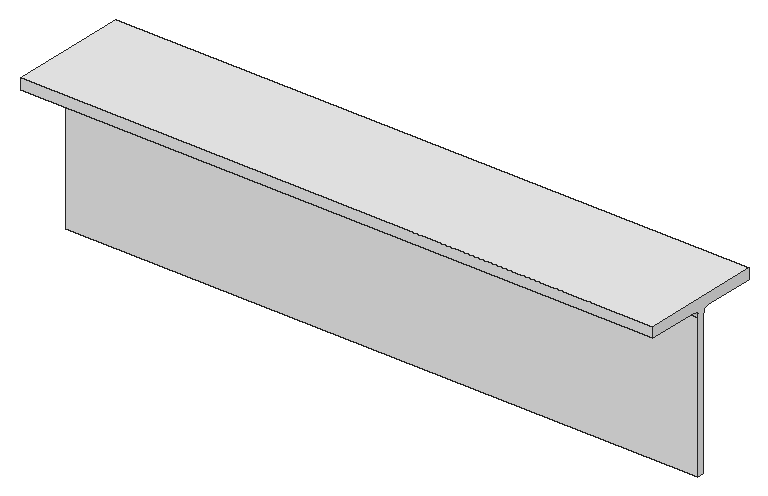
Revit family "M_WT Formas", category Quadro estrutural, Revit 2019 (continued)
Types in the file's own list only (271): name | Largura | Espessura da teia | Concordância da teia | Constante da empena | Momento de inércia de torção | Chave do nome do corte | Área de corte | Eixo fraco do módulo plástico | Eixo forte do módulo plástico | Peso nominal | Eixo fraco do momento de inércia | Eixo forte do momento de inércia | Altura | Espessura do flange | Eixo fraco do módulo de elasticidade | Eixo forte do módulo de elasticidade | Centróide vertical | Centróide horizontal | Espaçamento do parafuso
  WT230X72 | 282.00 mm | 13.60 mm | 10.20 mm | 2490000000.0 mm6 | 1220000.00 mm4 | WT9X48.5 | 9160.0 mm² | 452000.0 mm³ | 370000.0 mm³ | 72.00 kgf/m | 41600000.00 mm4 | 39000000.00 mm4 | 236.00 mm | 22.10 mm | 295000.0 mm³ | 208000.0 mm³ | 187.50 mm | 141.00 mm | 139.70 mm
  WT230X64 | 282.00 mm | 12.20 mm | 10.10 mm | 1720000000.0 mm6 | 849000.00 mm4 | WT9X43 | 8190.0 mm² | 397000.0 mm³ | 326000.0 mm³ | 64.00 kgf/m | 36500000.00 mm4 | 34300000.00 mm4 | 234.00 mm | 19.60 mm | 259000.0 mm³ | 184000.0 mm³ | 186.80 mm | 141.00 mm | 139.70 mm
  WT230X56.5 | 279.00 mm | 10.80 mm | 10.10 mm | 1170000000.0 mm6 | 587000.00 mm4 | WT9X38 | 7160.0 mm² | 346000.0 mm³ | 283000.0 mm³ | 56.50 kgf/m | 31700000.00 mm4 | 29900000.00 mm4 | 231.00 mm | 17.30 mm | 226000.0 mm³ | 161000.0 mm³ | 185.30 mm | 139.50 mm | 139.70 mm
  WT230X53 | 194.00 mm | 12.60 mm | 10.10 mm | 1060000000.0 mm6 | 724000.00 mm4 | WT9X35.5 | 6710.0 mm² | 202000.0 mm³ | 328000.0 mm³ | 53.00 kgf/m | 12500000.00 mm4 | 32500000.00 mm4 | 235.00 mm | 20.60 mm | 129000.0 mm³ | 184000.0 mm³ | 177.60 mm | 97.00 mm | 88.90 mm
  WT230X48.5 | 193.00 mm | 11.40 mm | 10.10 mm | 808000000.0 mm6 | 566000.00 mm4 | WT9X32.5 | 6160.0 mm² | 184000.0 mm³ | 295000.0 mm³ | 48.50 kgf/m | 11400000.00 mm4 | 29400000.00 mm4 | 233.00 mm | 19.10 mm | 118000.0 mm³ | 166000.0 mm³ | 177.10 mm | 96.50 mm | 88.90 mm
  WT230X44.5 | 192.00 mm | 10.50 mm | 10.20 mm | 631000000.0 mm6 | 450000.00 mm4 | WT9X30 | 5690.0 mm² | 169000.0 mm³ | 270000.0 mm³ | 44.50 kgf/m | 10400000.00 mm4 | 26900000.00 mm4 | 232.00 mm | 17.70 mm | 109000.0 mm³ | 152000.0 mm³ | 177.10 mm | 96.00 mm | 88.90 mm
  WT230X41 | 191.00 mm | 9.91 mm | 10.20 mm | 494000000.0 mm6 | 345000.00 mm4 | WT9X27.5 | 5230.0 mm² | 152000.0 mm³ | 251000.0 mm³ | 41.00 kgf/m | 9370000.00 mm4 | 24800000.00 mm4 | 230.00 mm | 16.00 mm | 97800.0 mm³ | 141000.0 mm³ | 175.10 mm | 95.50 mm | 88.90 mm
  WT230X37 | 191.00 mm | 9.02 mm | 10.20 mm | 365000000.0 mm6 | 258000.00 mm4 | WT9X25 | 4740.0 mm² | 136000.0 mm³ | 226000.0 mm³ | 37.00 kgf/m | 8320000.00 mm4 | 22300000.00 mm4 | 229.00 mm | 14.50 mm | 87700.0 mm³ | 128000.0 mm³ | 175.20 mm | 95.50 mm | 88.90 mm
  WT230X34 | 154.00 mm | 9.14 mm | 10.30 mm | 322000000.0 mm6 | 253000.00 mm4 | WT9X23 | 4370.0 mm² | 95700.0 mm³ | 228000.0 mm³ | 34.00 kgf/m | 4700000.00 mm4 | 21700000.00 mm4 | 229.00 mm | 15.40 mm | 60800.0 mm³ | 127000.0 mm³ | 169.80 mm | 77.00 mm | 88.90 mm
  WT230X30 | 153.00 mm | 8.00 mm | 10.20 mm | 212000000.0 mm6 | 168000.00 mm4 | WT9X20 | 3790.0 mm² | 81400.0 mm³ | 197000.0 mm³ | 30.00 kgf/m | 3980000.00 mm4 | 18600000.00 mm4 | 227.00 mm | 13.30 mm | 51900.0 mm³ | 110000.0 mm³ | 168.80 mm | 76.50 mm | 88.90 mm
  WT230X26 | 152.00 mm | 7.62 mm | 10.20 mm | 161000000.0 mm6 | 105000.00 mm4 | WT9X17.5 | 3320.0 mm² | 65900.0 mm³ | 184000.0 mm³ | 26.00 kgf/m | 3190000.00 mm4 | 16700000.00 mm4 | 225.00 mm | 10.80 mm | 42000.0 mm³ | 102000.0 mm³ | 164.30 mm | 76.00 mm | 88.90 mm
  WT205X74.5 | 264.00 mm | 14.90 mm | 10.30 mm | 2790000000.0 mm6 | 1600000.00 mm4 | WT8X50 | 9480.0 mm² | 449000.0 mm³ | 339000.0 mm³ | 74.50 kgf/m | 38800000.00 mm4 | 32000000.00 mm4 | 216.00 mm | 25.00 mm | 293000.0 mm³ | 187000.0 mm³ | 171.30 mm | 132.00 mm | 139.70 mm
  WT205X66 | 264.00 mm | 13.30 mm | 10.30 mm | 1930000000.0 mm6 | 1130000.00 mm4 | WT8X44.5 | 8450.0 mm² | 393000.0 mm³ | 297000.0 mm³ | 66.00 kgf/m | 33800000.00 mm4 | 28000000.00 mm4 | 213.00 mm | 22.20 mm | 257000.0 mm³ | 166000.0 mm³ | 169.80 mm | 132.00 mm | 139.70 mm
  WT205X57 | 262.00 mm | 11.60 mm | 10.20 mm | 1240000000.0 mm6 | 741000.00 mm4 | WT8X38.5 | 7290.0 mm² | 336000.0 mm³ | 251000.0 mm³ | 57.00 kgf/m | 28800000.00 mm4 | 23700000.00 mm4 | 210.00 mm | 19.30 mm | 220000.0 mm³ | 141000.0 mm³ | 168.60 mm | 131.00 mm | 139.70 mm
  WT205X50 | 259.00 mm | 10.00 mm | 10.30 mm | 808000000.0 mm6 | 495000.00 mm4 | WT8X33.5 | 6330.0 mm² | 290000.0 mm³ | 213000.0 mm³ | 50.00 kgf/m | 24800000.00 mm4 | 20200000.00 mm4 | 208.00 mm | 16.90 mm | 190000.0 mm³ | 121000.0 mm³ | 168.40 mm | 129.50 mm | 139.70 mm
  WT205X42.5 | 181.00 mm | 10.90 mm | 10.20 mm | 534000000.0 mm6 | 458000.00 mm4 | WT8X28.5 | 5410.0 mm² | 154000.0 mm³ | 226000.0 mm³ | 42.50 kgf/m | 8990000.00 mm4 | 20300000.00 mm4 | 209.00 mm | 18.20 mm | 99300.0 mm³ | 127000.0 mm³ | 159.70 mm | 90.50 mm | 88.90 mm
  WT205X37.5 | 180.00 mm | 9.65 mm | 10.20 mm | 360000000.0 mm6 | 316000.00 mm4 | WT8X25 | 4750.0 mm² | 134000.0 mm³ | 197000.0 mm³ | 37.50 kgf/m | 7740000.00 mm4 | 17600000.00 mm4 | 207.00 mm | 16.00 mm | 86200.0 mm³ | 111000.0 mm³ | 159.00 mm | 90.00 mm | 88.90 mm
  WT205X33.5 | 179.00 mm | 8.76 mm | 10.20 mm | 262000000.0 mm6 | 231000.00 mm4 | WT8X22.5 | 4280.0 mm² | 118000.0 mm³ | 177000.0 mm³ | 33.50 kgf/m | 6830000.00 mm4 | 15700000.00 mm4 | 205.00 mm | 14.40 mm | 76500.0 mm³ | 100000.0 mm³ | 157.80 mm | 89.50 mm | 88.90 mm
  WT205X30 | 178.00 mm | 7.75 mm | 10.20 mm | 181000000.0 mm6 | 165000.00 mm4 | WT8X20 | 3800.0 mm² | 104000.0 mm³ | 155000.0 mm³ | 30.00 kgf/m | 5990000.00 mm4 | 13800000.00 mm4 | 203.00 mm | 12.80 mm | 67500.0 mm³ | 87700.0 mm³ | 157.00 mm | 89.00 mm | 88.90 mm
  WT205X26.5 | 178.00 mm | 7.49 mm | 10.20 mm | 139000000.0 mm6 | 113000.00 mm4 | WT8X18 | 3410.0 mm² | 88800.0 mm³ | 146000.0 mm³ | 26.50 kgf/m | 5080000.00 mm4 | 12700000.00 mm4 | 201.00 mm | 10.90 mm | 57400.0 mm³ | 82800.0 mm³ | 153.20 mm | 89.00 mm | 88.90 mm
  WT205X23.05 | 140.00 mm | 6.99 mm | 10.20 mm | 98300000.0 mm6 | 95700.00 mm4 | WT8X15.5 | 2940.0 mm² | 57500.0 mm³ | 136000.0 mm³ | 23.10 kgf/m | 2580000.00 mm4 | 11400000.00 mm4 | 202.00 mm | 11.20 mm | 36700.0 mm³ | 76000.0 mm³ | 150.70 mm | 70.00 mm | 88.90 mm
  WT205X19.4 | 140.00 mm | 6.35 mm | 10.24 mm | 65300000.0 mm6 | 54100.00 mm4 | WT8X13 | 2480.0 mm² | 44700.0 mm³ | 121000.0 mm³ | 19.40 kgf/m | 1990000.00 mm4 | 9780000.00 mm4 | 199.00 mm | 8.76 mm | 28500.0 mm³ | 67000.0 mm³ | 145.90 mm | 70.00 mm | 88.90 mm
  WT180X543 | 455.00 mm | 78.00 mm | 15.00 mm | 1410000000000.0 mm6 | 297000000.00 mm4 | WT7X365 | 69000.0 mm² | 6690000.0 mm³ | 3460000.0 mm³ | 543.00 kgf/m | 982000000.00 mm4 | 308000000.00 mm4 | 284.00 mm | 125.00 mm | 4330000.0 mm³ | 1560000.0 mm³ | 195.90 mm | 227.50 mm | 190.50 mm
  WT180X495 | 450.00 mm | 71.90 mm | 15.00 mm | 1050000000000.0 mm6 | 231000000.00 mm4 | WT7X332.5 | 63100.0 mm² | 5980000.0 mm³ | 2980000.0 mm³ | 495.00 kgf/m | 866000000.00 mm4 | 259000000.00 mm4 | 274.00 mm | 115.00 mm | 3870000.0 mm³ | 1350000.0 mm³ | 191.40 mm | 225.00 mm | 190.50 mm
  WT180X450 | 442.00 mm | 66.00 mm | 15.00 mm | 787000000000.0 mm6 | 179000000.00 mm4 | WT7X302.5 | 57400.0 mm² | 5340000.0 mm³ | 2570000.0 mm³ | 450.00 kgf/m | 766000000.00 mm4 | 218000000.00 mm4 | 267.00 mm | 106.00 mm | 3460000.0 mm³ | 1160000.0 mm³ | 189.50 mm | 221.00 mm | 190.50 mm
  WT180X409 | 437.00 mm | 60.50 mm | 15.00 mm | 585000000000.0 mm6 | 138000000.00 mm4 | WT7X275 | 52200.0 mm² | 4790000.0 mm³ | 2230000.0 mm³ | 409.00 kgf/m | 678000000.00 mm4 | 184000000.00 mm4 | 257.00 mm | 97.00 mm | 3100000.0 mm³ | 998000.0 mm³ | 184.60 mm | 218.50 mm | 190.50 mm
  WT180X372 | 432.00 mm | 55.60 mm | 15.10 mm | 435000000000.0 mm6 | 106000000.00 mm4 | WT7X250 | 47400.0 mm² | 4280000.0 mm³ | 1920000.0 mm³ | 372.00 kgf/m | 599000000.00 mm4 | 156000000.00 mm4 | 249.00 mm | 88.90 mm | 2770000.0 mm³ | 864000.0 mm³ | 181.20 mm | 216.00 mm | 190.50 mm
  WT180X338.5 | 427.00 mm | 51.30 mm | 15.30 mm | 325000000000.0 mm6 | 81600000.00 mm4 | WT7X227.5 | 43200.0 mm² | 3830000.0 mm³ | 1670000.0 mm³ | 338.00 kgf/m | 533000000.00 mm4 | 134000000.00 mm4 | 242.00 mm | 81.50 mm | 2490000.0 mm³ | 752000.0 mm³ | 178.20 mm | 213.50 mm | 190.50 mm
  WT180X317 | 424.00 mm | 47.80 mm | 15.00 mm | 266000000000.0 mm6 | 68300000.00 mm4 | WT7X213 | 40500.0 mm² | 3560000.0 mm³ | 1500000.0 mm³ | 317.00 kgf/m | 491000000.00 mm4 | 119000000.00 mm4 | 237.00 mm | 77.20 mm | 2310000.0 mm³ | 678000.0 mm³ | 176.00 mm | 212.00 mm | 190.50 mm
  WT180X296 | 422.00 mm | 45.00 mm | 15.00 mm | 215000000000.0 mm6 | 56200000.00 mm4 | WT7X199 | 37700.0 mm² | 3290000.0 mm³ | 1360000.0 mm³ | 296.00 kgf/m | 454000000.00 mm4 | 107000000.00 mm4 | 232.00 mm | 72.40 mm | 2150000.0 mm³ | 616000.0 mm³ | 173.60 mm | 211.00 mm | 190.50 mm
  WT180X275.5 | 419.00 mm | 42.20 mm | 15.20 mm | 172000000000.0 mm6 | 45800000.00 mm4 | WT7X185 | 35100.0 mm² | 3030000.0 mm³ | 1220000.0 mm³ | 276.00 kgf/m | 414000000.00 mm4 | 95300000.00 mm4 | 228.00 mm | 67.60 mm | 1980000.0 mm³ | 556000.0 mm³ | 172.40 mm | 209.50 mm | 190.50 mm
  WT180X254.5 | 417.00 mm | 39.10 mm | 15.30 mm | 135000000000.0 mm6 | 36800000.00 mm4 | WT7X171 | 32500.0 mm² | 2770000.0 mm³ | 1080000.0 mm³ | 546.00 kgf/m | 376000000.00 mm4 | 84500000.00 mm4 | 223.00 mm | 62.70 mm | 1800000.0 mm³ | 498000.0 mm³ | 169.90 mm | 208.50 mm | 190.50 mm
  WT180X231.5 | 411.00 mm | 35.80 mm | 15.20 mm | 101000000000.0 mm6 | 28100000.00 mm4 | WT7X155.5 | 29500.0 mm² | 2490000.0 mm³ | 946000.0 mm³ | 232.00 kgf/m | 336000000.00 mm4 | 73300000.00 mm4 | 217.00 mm | 57.40 mm | 1630000.0 mm³ | 438000.0 mm³ | 167.00 mm | 205.50 mm | 190.50 mm
  WT180X210.5 | 409.00 mm | 32.80 mm | 15.20 mm | 75500000000.0 mm6 | 21600000.00 mm4 | WT7X141.5 | 26800.0 mm² | 2250000.0 mm³ | 826000.0 mm³ | 210.00 kgf/m | 301000000.00 mm4 | 63700000.00 mm4 | 213.00 mm | 52.60 mm | 1470000.0 mm³ | 385000.0 mm³ | 165.80 mm | 204.50 mm | 190.50 mm
  WT180X191 | 406.00 mm | 30.00 mm | 15.20 mm | 56100000000.0 mm6 | 16400000.00 mm4 | WT7X128.5 | 24400.0 mm² | 2020000.0 mm³ | 719000.0 mm³ | 191.00 kgf/m | 268000000.00 mm4 | 55400000.00 mm4 | 208.00 mm | 48.00 mm | 1320000.0 mm³ | 339000.0 mm³ | 163.50 mm | 203.00 mm | 190.50 mm
  WT180X173.5 | 404.00 mm | 27.20 mm | 15.20 mm | 41400000000.0 mm6 | 12300000.00 mm4 | WT7X116.5 | 22100.0 mm² | 1800000.0 mm³ | 626000.0 mm³ | 174.00 kgf/m | 240000000.00 mm4 | 48300000.00 mm4 | 204.00 mm | 43.70 mm | 1190000.0 mm³ | 298000.0 mm³ | 162.10 mm | 202.00 mm | 190.50 mm
  WT180X157 | 401.00 mm | 24.90 mm | 15.30 mm | 30300000000.0 mm6 | 9240000.00 mm4 | WT7X105.5 | 20000.0 mm² | 1620000.0 mm³ | 547000.0 mm³ | 157.00 kgf/m | 214000000.00 mm4 | 42500000.00 mm4 | 200.00 mm | 39.60 mm | 1070000.0 mm³ | 265000.0 mm³ | 160.10 mm | 200.50 mm | 190.50 mm
  WT180X143.5 | 399.00 mm | 22.60 mm | 15.20 mm | 23400000000.0 mm6 | 7200000.00 mm4 | WT7X96.5 | 18300.0 mm² | 1480000.0 mm³ | 482000.0 mm³ | 144.00 kgf/m | 194000000.00 mm4 | 37400000.00 mm4 | 197.00 mm | 36.60 mm | 972000.0 mm³ | 236000.0 mm³ | 159.20 mm | 199.50 mm | 190.50 mm
  WT180X131 | 399.00 mm | 21.10 mm | 15.20 mm | 17500000000.0 mm6 | 5490000.00 mm4 | WT7X88 | 16700.0 mm² | 1330000.0 mm³ | 431000.0 mm³ | 131.00 kgf/m | 174000000.00 mm4 | 33500000.00 mm4 | 193.00 mm | 33.30 mm | 877000.0 mm³ | 213000.0 mm³ | 156.70 mm | 199.50 mm | 190.50 mm
  WT180X118.5 | 396.00 mm | 18.90 mm | 15.30 mm | 12900000000.0 mm6 | 4100000.00 mm4 | WT7X79.5 | 15100.0 mm² | 1200000.0 mm³ | 374000.0 mm³ | 118.00 kgf/m | 156000000.00 mm4 | 29200000.00 mm4 | 190.00 mm | 30.20 mm | 788000.0 mm³ | 187000.0 mm³ | 155.70 mm | 198.00 mm | 190.50 mm
  WT180X108 | 394.00 mm | 17.30 mm | 15.20 mm | 9750000000.0 mm6 | 3150000.00 mm4 | WT7X72.5 | 13700.0 mm² | 1080000.0 mm³ | 331000.0 mm³ | 108.00 kgf/m | 141000000.00 mm4 | 26000000.00 mm4 | 188.00 mm | 27.70 mm | 716000.0 mm³ | 167000.0 mm³ | 155.20 mm | 197.00 mm | 190.50 mm
  WT180X98 | 373.00 mm | 16.40 mm | 15.20 mm | 7140000000.0 mm6 | 2550000.00 mm4 | WT7X66 | 12500.0 mm² | 926000.0 mm³ | 305000.0 mm³ | 98.00 kgf/m | 114000000.00 mm4 | 24100000.00 mm4 | 186.00 mm | 26.20 mm | 610000.0 mm³ | 157000.0 mm³ | 153.20 mm | 186.50 mm | 139.70 mm
  WT180X89.5 | 373.00 mm | 15.00 mm | 15.20 mm | 5370000000.0 mm6 | 1940000.00 mm4 | WT7X60 | 11400.0 mm² | 839000.0 mm³ | 270000.0 mm³ | 89.50 kgf/m | 103000000.00 mm4 | 21500000.00 mm4 | 184.00 mm | 23.90 mm | 552000.0 mm³ | 141000.0 mm³ | 152.50 mm | 186.50 mm | 139.70 mm
  WT180X81 | 371.00 mm | 13.30 mm | 15.30 mm | 4030000000.0 mm6 | 1480000.00 mm4 | WT7X54.5 | 10300.0 mm² | 759000.0 mm³ | 236000.0 mm³ | 81.00 kgf/m | 92800000.00 mm4 | 18900000.00 mm4 | 182.00 mm | 21.80 mm | 501000.0 mm³ | 124000.0 mm³ | 152.30 mm | 185.50 mm | 139.70 mm
  WT180X73.5 | 371.00 mm | 12.30 mm | 15.30 mm | 2980000000.0 mm6 | 1120000.00 mm4 | WT7X49.5 | 9420.0 mm² | 685000.0 mm³ | 211000.0 mm³ | 73.50 kgf/m | 83700000.00 mm4 | 17000000.00 mm4 | 180.00 mm | 19.80 mm | 452000.0 mm³ | 113000.0 mm³ | 151.00 mm | 185.50 mm | 139.70 mm
  WT180X67 | 368.00 mm | 11.20 mm | 15.30 mm | 2230000000.0 mm6 | 845000.00 mm4 | WT7X45 | 8520.0 mm² | 619000.0 mm³ | 188000.0 mm³ | 67.00 kgf/m | 75300000.00 mm4 | 15200000.00 mm4 | 178.00 mm | 18.00 mm | 410000.0 mm³ | 101000.0 mm³ | 150.30 mm | 184.00 mm | 139.70 mm
  WT180X61 | 257.00 mm | 13.00 mm | 15.10 mm | 1510000000.0 mm6 | 1050000.00 mm4 | WT7X41 | 7740.0 mm² | 367000.0 mm³ | 216000.0 mm³ | 61.00 kgf/m | 30800000.00 mm4 | 17100000.00 mm4 | 182.00 mm | 21.70 mm | 239000.0 mm³ | 117000.0 mm³ | 146.70 mm | 128.50 mm | 139.70 mm
  WT180X55 | 257.00 mm | 11.40 mm | 15.20 mm | 1130000000.0 mm6 | 803000.00 mm4 | WT7X37 | 7030.0 mm² | 331000.0 mm³ | 188000.0 mm³ | 55.00 kgf/m | 27800000.00 mm4 | 15000000.00 mm4 | 180.00 mm | 19.90 mm | 218000.0 mm³ | 102000.0 mm³ | 146.50 mm | 128.50 mm | 139.70 mm
  WT180X50.5 | 254.00 mm | 10.50 mm | 15.00 mm | 862000000.0 mm6 | 624000.00 mm4 | WT7X34 | 6450.0 mm² | 302000.0 mm³ | 170000.0 mm³ | 50.50 kgf/m | 25300000.00 mm4 | 13600000.00 mm4 | 178.00 mm | 18.30 mm | 198000.0 mm³ | 93200.0 mm³ | 145.20 mm | 127.00 mm | 139.70 mm
  WT180X45.5 | 254.00 mm | 9.53 mm | 15.10 mm | 615000000.0 mm6 | 454000.00 mm4 | WT7X30.5 | 5780.0 mm² | 269000.0 mm³ | 150000.0 mm³ | 45.50 kgf/m | 22400000.00 mm4 | 12000000.00 mm4 | 177.00 mm | 16.40 mm | 175000.0 mm³ | 83100.0 mm³ | 145.20 mm | 127.00 mm | 139.70 mm
  WT180X39.5 | 205.00 mm | 9.40 mm | 15.00 mm | 392000000.0 mm6 | 402000.00 mm4 | WT7X26.5 | 5030.0 mm² | 180000.0 mm³ | 145000.0 mm³ | 39.50 kgf/m | 12000000.00 mm4 | 11500000.00 mm4 | 177.00 mm | 16.80 mm | 117000.0 mm³ | 81000.0 mm³ | 141.90 mm | 102.50 mm | 139.70 mm
  WT180X36 | 204.00 mm | 8.64 mm | 15.10 mm | 287000000.0 mm6 | 301000.00 mm4 | WT7X24 | 4560.0 mm² | 161000.0 mm³ | 131000.0 mm³ | 36.00 kgf/m | 10700000.00 mm4 | 10400000.00 mm4 | 175.00 mm | 15.10 mm | 105000.0 mm³ | 73600.0 mm³ | 140.70 mm | 102.00 mm | 139.70 mm
  WT180X32 | 203.00 mm | 7.75 mm | 14.90 mm | 202000000.0 mm6 | 217000.00 mm4 | WT7X21.5 | 4070.0 mm² | 142000.0 mm³ | 116000.0 mm³ | 32.00 kgf/m | 9410000.00 mm4 | 9120000.00 mm4 | 173.00 mm | 13.50 mm | 92600.0 mm³ | 65200.0 mm³ | 139.70 mm | 101.50 mm | 139.70 mm
  WT180X28.9 | 172.00 mm | 7.87 mm | 10.10 mm | 149000000.0 mm6 | 166000.00 mm4 | WT7X19 | 3600.0 mm² | 99500.0 mm³ | 122000.0 mm³ | 28.90 kgf/m | 5540000.00 mm4 | 9700000.00 mm4 | 179.00 mm | 13.10 mm | 64600.0 mm³ | 69200.0 mm³ | 139.90 mm | 86.00 mm | 88.90 mm
  WT180X25.5 | 171.00 mm | 7.24 mm | 10.10 mm | 107000000.0 mm6 | 118000.00 mm4 | WT7X17 | 3230.0 mm² | 87200.0 mm³ | 110000.0 mm³ | 25.50 kgf/m | 4830000.00 mm4 | 8700000.00 mm4 | 178.00 mm | 11.60 mm | 56500.0 mm³ | 62800.0 mm³ | 139.10 mm | 85.50 mm | 88.90 mm
  WT180X22 | 171.00 mm | 6.86 mm | 10.12 mm | 77100000.0 mm6 | 79100.00 mm4 | WT7X15 | 2850.0 mm² | 73600.0 mm³ | 102000.0 mm³ | 22.00 kgf/m | 4070000.00 mm4 | 7910000.00 mm4 | 176.00 mm | 9.78 mm | 47700.0 mm³ | 58200.0 mm³ | 135.90 mm | 85.50 mm | 88.90 mm
  WT180X19.5 | 128.00 mm | 6.48 mm | 10.10 mm | 55600000.0 mm6 | 74500.00 mm4 | WT7X13 | 2480.0 mm² | 45200.0 mm³ | 96500.0 mm³ | 19.50 kgf/m | 1850000.00 mm4 | 7200000.00 mm4 | 177.00 mm | 10.70 mm | 29000.0 mm³ | 54200.0 mm³ | 133.30 mm | 64.00 mm | 69.85 mm
  WT180X16.45 | 127.00 mm | 5.84 mm | 10.19 mm | 36000000.0 mm6 | 43300.00 mm4 | WT7X11 | 2100.0 mm² | 35900.0 mm³ | 85200.0 mm³ | 16.50 kgf/m | 1460000.00 mm4 | 6160000.00 mm4 | 174.00 mm | 8.51 mm | 22900.0 mm³ | 47700.0 mm³ | 129.30 mm | 63.50 mm | 69.85 mm
  WT155X250 | 340.00 mm | 45.20 mm | 15.00 mm | 129000000000.0 mm6 | 49900000.00 mm4 | WT6X168 | 31900.0 mm² | 2250000.0 mm³ | 1120000.0 mm³ | 250.00 kgf/m | 247000000.00 mm4 | 79100000.00 mm4 | 214.00 mm | 75.20 mm | 1450000.0 mm³ | 511000.0 mm³ | 155.30 mm | 170.00 mm | 139.70 mm
  WT155X227 | 335.00 mm | 41.40 mm | 15.00 mm | 95600000000.0 mm6 | 38300000.00 mm4 | WT6X152.5 | 28800.0 mm² | 2000000.0 mm³ | 968000.0 mm³ | 227.00 kgf/m | 219000000.00 mm4 | 67400000.00 mm4 | 207.00 mm | 68.80 mm | 1300000.0 mm³ | 442000.0 mm³ | 152.10 mm | 167.50 mm | 139.70 mm
  WT155X207.5 | 333.00 mm | 38.90 mm | 15.30 mm | 71700000000.0 mm6 | 29500000.00 mm4 | WT6X139.5 | 26500.0 mm² | 1800000.0 mm³ | 850000.0 mm³ | 208.00 kgf/m | 195000000.00 mm4 | 58700000.00 mm4 | 201.00 mm | 62.70 mm | 1170000.0 mm³ | 395000.0 mm³ | 148.90 mm | 166.50 mm | 139.70 mm
  WT155X187.5 | 330.00 mm | 35.60 mm | 15.20 mm | 52400000000.0 mm6 | 22300000.00 mm4 | WT6X126 | 23900.0 mm² | 1600000.0 mm³ | 734000.0 mm³ | 188.00 kgf/m | 172000000.00 mm4 | 50400000.00 mm4 | 196.00 mm | 57.20 mm | 1040000.0 mm³ | 342000.0 mm³ | 147.20 mm | 165.00 mm | 139.70 mm
  WT155X171 | 328.00 mm | 32.80 mm | 15.20 mm | 39700000000.0 mm6 | 17300000.00 mm4 | WT6X115 | 21800.0 mm² | 1450000.0 mm³ | 646000.0 mm³ | 171.00 kgf/m | 154000000.00 mm4 | 44100000.00 mm4 | 191.00 mm | 52.60 mm | 942000.0 mm³ | 303000.0 mm³ | 144.80 mm | 164.00 mm | 139.70 mm
  WT155X156.5 | 325.00 mm | 30.00 mm | 15.20 mm | 30100000000.0 mm6 | 13400000.00 mm4 | WT6X105 | 19900.0 mm² | 1310000.0 mm³ | 565000.0 mm³ | 156.00 kgf/m | 138000000.00 mm4 | 38300000.00 mm4 | 187.00 mm | 48.30 mm | 850000.0 mm³ | 269000.0 mm³ | 143.30 mm | 162.50 mm | 139.70 mm
  WT155X141.5 | 323.00 mm | 26.90 mm | 15.00 mm | 22000000000.0 mm6 | 10100000.00 mm4 | WT6X95 | 18100.0 mm² | 1170000.0 mm³ | 488000.0 mm³ | 142.00 kgf/m | 123000000.00 mm4 | 32900000.00 mm4 | 183.00 mm | 44.20 mm | 762000.0 mm³ | 233000.0 mm³ | 141.90 mm | 161.50 mm | 139.70 mm
  WT155X126.5 | 320.00 mm | 24.40 mm | 15.30 mm | 15700000000.0 mm6 | 7370000.00 mm4 | WT6X85 | 16100.0 mm² | 1030000.0 mm³ | 420000.0 mm³ | 126.00 kgf/m | 108000000.00 mm4 | 28200000.00 mm4 | 178.00 mm | 39.60 mm | 675000.0 mm³ | 202000.0 mm³ | 139.40 mm | 160.00 mm | 139.70 mm
  WT155X113 | 318.00 mm | 22.10 mm | 15.20 mm | 11100000000.0 mm6 | 5330000.00 mm4 | WT6X76 | 14500.0 mm² | 911000.0 mm³ | 361000.0 mm³ | 113.00 kgf/m | 94500000.00 mm4 | 24300000.00 mm4 | 174.00 mm | 35.60 mm | 596000.0 mm³ | 177000.0 mm³ | 137.70 mm | 159.00 mm | 139.70 mm
  WT155X101 | 315.00 mm | 20.10 mm | 15.20 mm | 7760000000.0 mm6 | 3830000.00 mm4 | WT6X68 | 12900.0 mm² | 801000.0 mm³ | 311000.0 mm³ | 101.00 kgf/m | 82800000.00 mm4 | 21100000.00 mm4 | 170.00 mm | 31.80 mm | 526000.0 mm³ | 155000.0 mm³ | 135.70 mm | 157.50 mm | 139.70 mm
  WT155X89.5 | 312.00 mm | 18.00 mm | 15.00 mm | 5290000000.0 mm6 | 2670000.00 mm4 | WT6X60 | 11400.0 mm² | 700000.0 mm³ | 265000.0 mm³ | 89.50 kgf/m | 71600000.00 mm4 | 18100000.00 mm4 | 167.00 mm | 28.20 mm | 459000.0 mm³ | 135000.0 mm³ | 134.50 mm | 156.00 mm | 139.70 mm
  WT155X79 | 310.00 mm | 15.50 mm | 15.30 mm | 3650000000.0 mm6 | 1890000.00 mm4 | WT6X53 | 10100.0 mm² | 615000.0 mm³ | 223000.0 mm³ | 79.00 kgf/m | 62900000.00 mm4 | 15100000.00 mm4 | 164.00 mm | 25.10 mm | 405000.0 mm³ | 113000.0 mm³ | 133.80 mm | 155.00 mm | 139.70 mm
  WT155X71.5 | 310.00 mm | 14.00 mm | 15.20 mm | 2710000000.0 mm6 | 1420000.00 mm4 | WT6X48 | 9100.0 mm² | 552000.0 mm³ | 195000.0 mm³ | 71.50 kgf/m | 56200000.00 mm4 | 13300000.00 mm4 | 162.00 mm | 22.90 mm | 364000.0 mm³ | 100000.0 mm³ | 133.30 mm | 155.00 mm | 139.70 mm
  WT155X64.5 | 307.00 mm | 13.10 mm | 15.20 mm | 1970000000.0 mm6 | 1060000.00 mm4 | WT6X43.5 | 8260.0 mm² | 495000.0 mm³ | 175000.0 mm³ | 64.50 kgf/m | 49900000.00 mm4 | 12000000.00 mm4 | 159.00 mm | 20.60 mm | 326000.0 mm³ | 91800.0 mm³ | 131.10 mm | 153.50 mm | 139.70 mm
  WT155X58.5 | 307.00 mm | 11.90 mm | 15.10 mm | 1460000000.0 mm6 | 795000.00 mm4 | WT6X39.5 | 7480.0 mm² | 444000.0 mm³ | 156000.0 mm³ | 58.50 kgf/m | 45000000.00 mm4 | 10700000.00 mm4 | 157.00 mm | 18.70 mm | 293000.0 mm³ | 82400.0 mm³ | 130.10 mm | 153.50 mm | 139.70 mm
  WT155X53.5 | 305.00 mm | 10.90 mm | 15.30 mm | 1090000000.0 mm6 | 608000.00 mm4 | WT6X36 | 6840.0 mm² | 403000.0 mm³ | 139000.0 mm³ | 53.50 kgf/m | 40600000.00 mm4 | 9660000.00 mm4 | 156.00 mm | 17.00 mm | 265000.0 mm³ | 74400.0 mm³ | 130.10 mm | 152.50 mm | 139.70 mm
  WT155X48.5 | 305.00 mm | 9.91 mm | 15.10 mm | 798000000.0 mm6 | 454000.00 mm4 | WT6X32.5 | 6150.0 mm² | 361000.0 mm³ | 123000.0 mm³ | 48.50 kgf/m | 36300000.00 mm4 | 8570000.00 mm4 | 154.00 mm | 15.40 mm | 238000.0 mm³ | 66500.0 mm³ | 129.00 mm | 152.50 mm | 139.70 mm
  WT155X43 | 254.00 mm | 9.14 mm | 15.20 mm | 559000000.0 mm6 | 437000.00 mm4 | WT6X29 | 5500.0 mm² | 265000.0 mm³ | 114000.0 mm³ | 43.00 kgf/m | 22300000.00 mm4 | 7950000.00 mm4 | 155.00 mm | 16.30 mm | 175000.0 mm³ | 61600.0 mm³ | 128.80 mm | 127.00 mm | 139.70 mm
  WT155X39.5 | 254.00 mm | 8.76 mm | 15.40 mm | 411000000.0 mm6 | 328000.00 mm4 | WT6X26.5 | 5020.0 mm² | 238000.0 mm³ | 106000.0 mm³ | 39.50 kgf/m | 19900000.00 mm4 | 7370000.00 mm4 | 153.00 mm | 14.60 mm | 157000.0 mm³ | 58000.0 mm³ | 127.10 mm | 127.00 mm | 139.70 mm
  WT155X37 | 205.00 mm | 9.40 mm | 12.70 mm | 330000000.0 mm6 | 356000.00 mm4 | WT6X25 | 4710.0 mm² | 174000.0 mm³ | 113000.0 mm³ | 37.00 kgf/m | 11700000.00 mm4 | 7780000.00 mm4 | 155.00 mm | 16.30 mm | 114000.0 mm³ | 62100.0 mm³ | 125.30 mm | 102.50 mm | 139.70 mm
  WT155X33.5 | 204.00 mm | 8.51 mm | 12.80 mm | 238000000.0 mm6 | 261000.00 mm4 | WT6X22.5 | 4230.0 mm² | 155000.0 mm³ | 100000.0 mm³ | 33.50 kgf/m | 10400000.00 mm4 | 6910000.00 mm4 | 153.00 mm | 14.60 mm | 102000.0 mm³ | 55600.0 mm³ | 124.30 mm | 102.00 mm | 139.70 mm
  WT155X30 | 203.00 mm | 7.49 mm | 12.80 mm | 166000000.0 mm6 | 188000.00 mm4 | WT6X20 | 3770.0 mm² | 137000.0 mm³ | 86500.0 mm³ | 30.00 kgf/m | 9160000.00 mm4 | 5990000.00 mm4 | 152.00 mm | 13.10 mm | 90100.0 mm³ | 48300.0 mm³ | 124.30 mm | 101.50 mm | 139.70 mm
  WT155X26 | 167.00 mm | 7.62 mm | 7.60 mm | 117000000.0 mm6 | 154000.00 mm4 | WT6X17.5 | 3340.0 mm² | 93900.0 mm³ | 93600.0 mm³ | 26.00 kgf/m | 5080000.00 mm4 | 6660000.00 mm4 | 159.00 mm | 13.20 mm | 61100.0 mm³ | 52900.0 mm³ | 126.00 mm | 83.50 mm | 88.90 mm
  WT155X22.25 | 166.00 mm | 6.60 mm | 7.60 mm | 71700000.0 mm6 | 94900.00 mm4 | WT6X15 | 2840.0 mm² | 78300.0 mm³ | 79100.0 mm³ | 22.30 kgf/m | 4250000.00 mm4 | 5620000.00 mm4 | 157.00 mm | 11.20 mm | 51100.0 mm³ | 45100.0 mm³ | 124.70 mm | 83.00 mm | 88.90 mm
  WT155X19.35 | 165.00 mm | 5.84 mm | 7.65 mm | 46700000.0 mm6 | 62400.00 mm4 | WT6X13 | 2460.0 mm² | 66900.0 mm³ | 68800.0 mm³ | 19.40 kgf/m | 3600000.00 mm4 | 4870000.00 mm4 | 155.00 mm | 9.65 mm | 43800.0 mm³ | 39300.0 mm³ | 123.20 mm | 82.50 mm | 88.90 mm
  WT155X16.35 | 102.00 mm | 6.60 mm | 7.60 mm | 36800000.0 mm6 | 60800.00 mm4 | WT6X11 | 2090.0 mm² | 30000.0 mm³ | 75900.0 mm³ | 16.40 kgf/m | 970000.00 mm4 | 4870000.00 mm4 | 156.00 mm | 10.80 mm | 18800.0 mm³ | 42400.0 mm³ | 114.60 mm | 51.00 mm | 57.15 mm
  WT155X14.15 | 102.00 mm | 5.97 mm | 7.61 mm | 25100000.0 mm6 | 37400.00 mm4 | WT6X9.5 | 1800.0 mm² | 24400.0 mm³ | 67400.0 mm³ | 14.20 kgf/m | 783000.00 mm4 | 4200000.00 mm4 | 154.00 mm | 8.89 mm | 15400.0 mm³ | 37400.0 mm³ | 112.10 mm | 51.00 mm | 57.15 mm
  WT155X11.9 | 101.00 mm | 5.59 mm | 7.67 mm | 18200000.0 mm6 | 21300.00 mm4 | WT6X8 | 1520.0 mm² | 18500.0 mm³ | 61000.0 mm³ | 11.90 kgf/m | 587000.00 mm4 | 3620000.00 mm4 | 152.00 mm | 6.73 mm | 11600.0 mm³ | 33400.0 mm³ | 107.80 mm | 50.50 mm | 57.15 mm
  WT155X10.5 | 101.00 mm | 5.08 mm | 7.58 mm | 13200000.0 mm6 | 14600.00 mm4 | WT6X7 | 1340.0 mm² | 15500.0 mm³ | 54400.0 mm³ | 10.50 kgf/m | 491000.00 mm4 | 3190000.00 mm4 | 151.00 mm | 5.72 mm | 9720.0 mm³ | 30000.0 mm³ | 106.30 mm | 50.50 mm | 57.15 mm
  WT125X83.5 | 264.00 mm | 19.20 mm | 12.70 mm | 4540000000.0 mm6 | 3120000.00 mm4 | WT5X56 | 10600.0 mm² | 567000.0 mm³ | 220000.0 mm³ | 83.50 kgf/m | 49100000.00 mm4 | 11900000.00 mm4 | 144.00 mm | 31.80 mm | 370000.0 mm³ | 105000.0 mm³ | 113.30 mm | 132.00 mm | 139.70 mm
  WT125X74.5 | 262.00 mm | 17.30 mm | 12.70 mm | 3200000000.0 mm6 | 2250000.00 mm4 | WT5X50 | 9480.0 mm² | 500000.0 mm³ | 187000.0 mm³ | 74.50 kgf/m | 42900000.00 mm4 | 10200000.00 mm4 | 141.00 mm | 28.40 mm | 328000.0 mm³ | 91100.0 mm³ | 112.30 mm | 131.00 mm | 139.70 mm
  WT125X65.5 | 262.00 mm | 15.40 mm | 12.70 mm | 2150000000.0 mm6 | 1560000.00 mm4 | WT5X44 | 8390.0 mm² | 434000.0 mm³ | 158000.0 mm³ | 65.50 kgf/m | 37200000.00 mm4 | 8660000.00 mm4 | 138.00 mm | 25.10 mm | 285000.0 mm³ | 78200.0 mm³ | 111.10 mm | 131.00 mm | 139.70 mm
  WT125X57.5 | 259.00 mm | 13.50 mm | 12.70 mm | 1430000000.0 mm6 | 1060000.00 mm4 | WT5X38.5 | 7290.0 mm² | 375000.0 mm³ | 132000.0 mm³ | 57.50 kgf/m | 32000000.00 mm4 | 7240000.00 mm4 | 135.00 mm | 22.10 mm | 247000.0 mm³ | 66400.0 mm³ | 109.90 mm | 129.50 mm | 139.70 mm
  WT125X50.5 | 257.00 mm | 11.90 mm | 12.70 mm | 972000000.0 mm6 | 741000.00 mm4 | WT5X34 | 6450.0 mm² | 328000.0 mm³ | 112000.0 mm³ | 50.50 kgf/m | 27800000.00 mm4 | 6200000.00 mm4 | 132.00 mm | 19.60 mm | 216000.0 mm³ | 57200.0 mm³ | 108.30 mm | 128.50 mm | 139.70 mm
  WT125X44.5 | 257.00 mm | 10.70 mm | 12.70 mm | 661000000.0 mm6 | 512000.00 mm4 | WT5X30 | 5700.0 mm² | 287000.0 mm³ | 96200.0 mm³ | 44.50 kgf/m | 24200000.00 mm4 | 5370000.00 mm4 | 130.00 mm | 17.30 mm | 188000.0 mm³ | 49800.0 mm³ | 107.50 mm | 128.50 mm | 139.70 mm
  WT125X40 | 254.00 mm | 9.40 mm | 12.80 mm | 478000000.0 mm6 | 378000.00 mm4 | WT5X27 | 5100.0 mm² | 256000.0 mm³ | 82800.0 mm³ | 40.00 kgf/m | 21500000.00 mm4 | 4620000.00 mm4 | 128.00 mm | 15.60 mm | 169000.0 mm³ | 43300.0 mm³ | 106.80 mm | 127.00 mm | 139.70 mm
  WT125X36.5 | 254.00 mm | 8.64 mm | 12.70 mm | 357000000.0 mm6 | 288000.00 mm4 | WT5X24.5 | 4650.0 mm² | 231000.0 mm³ | 74100.0 mm³ | 36.50 kgf/m | 19400000.00 mm4 | 4160000.00 mm4 | 127.00 mm | 14.20 mm | 153000.0 mm³ | 39200.0 mm³ | 106.50 mm | 127.00 mm | 139.70 mm
  WT125X33.5 | 204.00 mm | 8.89 mm | 12.70 mm | 263000000.0 mm6 | 313000.00 mm4 | WT5X22.5 | 4280.0 mm² | 166000.0 mm³ | 76200.0 mm³ | 33.50 kgf/m | 11100000.00 mm4 | 4250000.00 mm4 | 128.00 mm | 15.70 mm | 109000.0 mm³ | 40500.0 mm³ | 105.00 mm | 102.00 mm | 139.70 mm
  WT125X29 | 203.00 mm | 8.00 mm | 12.70 mm | 165000000.0 mm6 | 203000.00 mm4 | WT5X19.5 | 3700.0 mm² | 140000.0 mm³ | 65400.0 mm³ | 29.00 kgf/m | 9370000.00 mm4 | 3680000.00 mm4 | 126.00 mm | 13.50 mm | 92400.0 mm³ | 35400.0 mm³ | 103.70 mm | 101.50 mm | 139.70 mm
  WT125X24.55 | 202.00 mm | 7.37 mm | 12.70 mm | 95600000.0 mm6 | 121000.00 mm4 | WT5X16.5 | 3130.0 mm² | 115000.0 mm³ | 57000.0 mm³ | 24.60 kgf/m | 7620000.00 mm4 | 3210000.00 mm4 | 124.00 mm | 11.00 mm | 75400.0 mm³ | 31600.0 mm³ | 101.90 mm | 101.00 mm | 139.70 mm
  WT125X22.4 | 148.00 mm | 7.62 mm | 7.60 mm | 73300000.0 mm6 | 129000.00 mm4 | WT5X15 | 2850.0 mm² | 72300.0 mm³ | 65700.0 mm³ | 22.40 kgf/m | 3480000.00 mm4 | 3860000.00 mm4 | 133.00 mm | 13.00 mm | 47000.0 mm³ | 36700.0 mm³ | 105.10 mm | 74.00 mm | 69.85 mm
  WT125X19.25 | 147.00 mm | 6.60 mm | 7.60 mm | 46500000.0 mm6 | 83700.00 mm4 | WT5X13 | 2460.0 mm² | 61500.0 mm³ | 55600.0 mm³ | 19.30 kgf/m | 2930000.00 mm4 | 3270000.00 mm4 | 131.00 mm | 11.20 mm | 40000.0 mm³ | 31300.0 mm³ | 104.10 mm | 73.50 mm | 69.85 mm
  WT125X16.35 | 146.00 mm | 6.10 mm | 7.66 mm | 28700000.0 mm6 | 49500.00 mm4 | WT5X11 | 2090.0 mm² | 50000.0 mm³ | 49500.0 mm³ | 16.40 kgf/m | 2380000.00 mm4 | 2860000.00 mm4 | 129.00 mm | 9.14 mm | 32600.0 mm³ | 28200.0 mm³ | 101.80 mm | 73.00 mm | 69.85 mm
  WT125X14.2 | 102.00 mm | 6.35 mm | 7.70 mm | 21400000.0 mm6 | 48300.00 mm4 | WT5X9.5 | 1810.0 mm² | 27400.0 mm³ | 50800.0 mm³ | 14.20 kgf/m | 895000.00 mm4 | 2780000.00 mm4 | 130.00 mm | 10.00 mm | 17500.0 mm³ | 28500.0 mm³ | 97.50 mm | 51.00 mm | 57.15 mm
  WT125X12.65 | 102.00 mm | 6.10 mm | 7.62 mm | 16400000.0 mm6 | 32300.00 mm4 | WT5X8.5 | 1610.0 mm² | 22900.0 mm³ | 47500.0 mm³ | 12.70 kgf/m | 741000.00 mm4 | 2520000.00 mm4 | 129.00 mm | 8.38 mm | 14500.0 mm³ | 26500.0 mm³ | 95.50 mm | 51.00 mm | 57.15 mm
  WT125X11.15 | 102.00 mm | 5.84 mm | 7.64 mm | 12800000.0 mm6 | 21600.00 mm4 | WT5X7.5 | 1430.0 mm² | 18800.0 mm³ | 44400.0 mm³ | 11.20 kgf/m | 604000.00 mm4 | 2270000.00 mm4 | 127.00 mm | 6.86 mm | 11800.0 mm³ | 24600.0 mm³ | 92.20 mm | 51.00 mm | 57.15 mm
  WT125X8.95 | 101.00 mm | 4.83 mm | 7.67 mm | 6850000.0 mm6 | 11300.00 mm4 | WT5X6 | 1140.0 mm² | 14200.0 mm³ | 36100.0 mm³ | 8.95 kgf/m | 454000.00 mm4 | 1810000.00 mm4 | 125.00 mm | 5.33 mm | 9030.0 mm³ | 20000.0 mm³ | 90.50 mm | 50.50 mm | 57.15 mm
  WT100X50 | 210.00 mm | 14.50 mm | 10.10 mm | 956000000.0 mm6 | 1040000.00 mm4 | WT4X33.5 | 6350.0 mm² | 267000.0 mm³ | 103000.0 mm³ | 50.00 kgf/m | 18400000.00 mm4 | 4540000.00 mm4 | 114.00 mm | 23.70 mm | 175000.0 mm³ | 50000.0 mm³ | 90.20 mm | 105.00 mm | 139.70 mm
  WT100X43 | 209.00 mm | 13.00 mm | 9.90 mm | 612000000.0 mm6 | 691000.00 mm4 | WT4X29 | 5510.0 mm² | 228000.0 mm³ | 86000.0 mm³ | 43.00 kgf/m | 15600000.00 mm4 | 3800000.00 mm4 | 111.00 mm | 20.60 mm | 150000.0 mm³ | 42800.0 mm³ | 88.80 mm | 104.50 mm | 139.70 mm
  WT100X35.5 | 206.00 mm | 10.20 mm | 10.00 mm | 349000000.0 mm6 | 407000.00 mm4 | WT4X24 | 4550.0 mm² | 187000.0 mm³ | 64600.0 mm³ | 35.50 kgf/m | 12700000.00 mm4 | 2850000.00 mm4 | 108.00 mm | 17.40 mm | 123000.0 mm³ | 32300.0 mm³ | 88.30 mm | 103.00 mm | 139.70 mm
  WT100X29.5 | 205.00 mm | 9.14 mm | 10.00 mm | 192000000.0 mm6 | 232000.00 mm4 | WT4X20 | 3790.0 mm² | 151000.0 mm³ | 53300.0 mm³ | 29.50 kgf/m | 10200000.00 mm4 | 2390000.00 mm4 | 105.00 mm | 14.20 mm | 99600.0 mm³ | 27700.0 mm³ | 86.30 mm | 102.50 mm | 139.70 mm
  WT100X26 | 204.00 mm | 7.87 mm | 10.00 mm | 129000000.0 mm6 | 160000.00 mm4 | WT4X17.5 | 3320.0 mm² | 132000.0 mm³ | 44400.0 mm³ | 26.00 kgf/m | 8870000.00 mm4 | 2010000.00 mm4 | 103.00 mm | 12.60 mm | 87000.0 mm³ | 23400.0 mm³ | 85.50 mm | 102.00 mm | 139.70 mm
  WT100X23.05 | 203.00 mm | 7.24 mm | 10.10 mm | 87800000.0 mm6 | 111000.00 mm4 | WT4X15.5 | 2940.0 mm² | 115000.0 mm³ | 39200.0 mm³ | 23.10 kgf/m | 7700000.00 mm4 | 1780000.00 mm4 | 102.00 mm | 11.00 mm | 76000.0 mm³ | 21000.0 mm³ | 85.00 mm | 101.50 mm | 139.70 mm
  WT100X20.85 | 166.00 mm | 7.24 mm | 10.00 mm | 61800000.0 mm6 | 112000.00 mm4 | WT4X14 | 2660.0 mm² | 82600.0 mm³ | 39000.0 mm³ | 20.90 kgf/m | 4500000.00 mm4 | 1760000.00 mm4 | 102.00 mm | 11.80 mm | 54200.0 mm³ | 21000.0 mm³ | 83.40 mm | 83.00 mm | 88.90 mm
  WT100X17.95 | 165.00 mm | 6.22 mm | 10.00 mm | 38700000.0 mm6 | 72000.00 mm4 | WT4X12 | 2280.0 mm² | 70100.0 mm³ | 32400.0 mm³ | 18.00 kgf/m | 3800000.00 mm4 | 1470000.00 mm4 | 101.00 mm | 10.20 mm | 46000.0 mm³ | 17700.0 mm³ | 83.30 mm | 82.50 mm | 88.90 mm
  WT100X15.65 | 134.00 mm | 6.35 mm | 7.60 mm | 24600000.0 mm6 | 58700.00 mm4 | WT4X10.5 | 1990.0 mm² | 46500.0 mm³ | 34600.0 mm³ | 15.70 kgf/m | 2030000.00 mm4 | 1620000.00 mm4 | 105.00 mm | 10.20 mm | 30300.0 mm³ | 19300.0 mm³ | 83.90 mm | 67.00 mm | 69.85 mm
  WT100X13.3 | 133.00 mm | 5.84 mm | 7.62 mm | 15100000.0 mm6 | 35600.00 mm4 | WT4X9 | 1700.0 mm² | 38200.0 mm³ | 30500.0 mm³ | 13.30 kgf/m | 1660000.00 mm4 | 1420000.00 mm4 | 103.00 mm | 8.38 mm | 24900.0 mm³ | 17200.0 mm³ | 81.80 mm | 66.50 mm | 69.85 mm
  WT100X11.25 | 102.00 mm | 6.22 mm | 7.60 mm | 10300000.0 mm6 | 28300.00 mm4 | WT4X7.5 | 1430.0 mm² | 21800.0 mm³ | 31300.0 mm³ | 11.30 kgf/m | 708000.00 mm4 | 1370000.00 mm4 | 103.00 mm | 8.00 mm | 13900.0 mm³ | 17500.0 mm³ | 77.70 mm | 51.00 mm | 57.15 mm
  WT100X9.65 | 102.00 mm | 5.84 mm | 7.62 mm | 7220000.0 mm6 | 18000.00 mm4 | WT4X6.5 | 1240.0 mm² | 17500.0 mm³ | 28500.0 mm³ | 9.65 kgf/m | 566000.00 mm4 | 1200000.00 mm4 | 102.00 mm | 6.48 mm | 11200.0 mm³ | 16000.0 mm³ | 75.80 mm | 51.00 mm | 57.15 mm
  WT100X7.5 | 100.00 mm | 4.32 mm | 7.59 mm | 3060000.0 mm6 | 8820.00 mm4 | WT4X5 | 955.0 mm² | 13500.0 mm³ | 20800.0 mm³ | 7.50 kgf/m | 437000.00 mm4 | 895000.00 mm4 | 100.00 mm | 5.21 mm | 8700.0 mm³ | 11700.0 mm³ | 75.80 mm | 50.00 mm | 57.15 mm
  WT75X18.55 | 154.00 mm | 8.13 mm | 6.30 mm | 45900000.0 mm6 | 95300.00 mm4 | WT3X12.5 | 2370.0 mm² | 70100.0 mm³ | 27500.0 mm³ | 18.60 kgf/m | 3550000.00 mm4 | 953000.00 mm4 | 81.00 mm | 11.60 mm | 46000.0 mm³ | 14500.0 mm³ | 65.50 mm | 77.00 mm | 88.90 mm
  WT75X14.9 | 153.00 mm | 6.60 mm | 6.33 mm | 23000000.0 mm6 | 49900.00 mm4 | WT3X10 | 1900.0 mm² | 55100.0 mm³ | 21100.0 mm³ | 14.90 kgf/m | 2760000.00 mm4 | 733000.00 mm4 | 78.70 mm | 9.27 mm | 36200.0 mm³ | 11400.0 mm³ | 64.50 mm | 76.50 mm | 88.90 mm
  WT75X11.25 | 152.00 mm | 5.84 mm | 6.40 mm | 9180000.0 mm6 | 21000.00 mm4 | WT3X7.5 | 1430.0 mm² | 38800.0 mm³ | 16900.0 mm³ | 11.30 kgf/m | 1940000.00 mm4 | 587000.00 mm4 | 76.20 mm | 6.60 mm | 25600.0 mm³ | 9460.0 mm³ | 62.00 mm | 76.00 mm | 88.90 mm
  WT75X12 | 102.00 mm | 6.60 mm | 6.30 mm | 11400000.0 mm6 | 46200.00 mm4 | WT3X8 | 1530.0 mm² | 27700.0 mm³ | 20500.0 mm³ | 12.00 kgf/m | 920000.00 mm4 | 703000.00 mm4 | 79.80 mm | 10.30 mm | 18000.0 mm³ | 11200.0 mm³ | 62.60 mm | 51.00 mm | 57.15 mm
  WT75X9 | 102.00 mm | 5.84 mm | 6.39 mm | 4780000.0 mm6 | 18700.00 mm4 | WT3X6 | 1150.0 mm² | 19000.0 mm³ | 16600.0 mm³ | 9.00 kgf/m | 624000.00 mm4 | 549000.00 mm4 | 76.70 mm | 7.11 mm | 12300.0 mm³ | 9240.0 mm³ | 59.50 mm | 51.00 mm | 57.15 mm
  WT75X6.75 | 100.00 mm | 4.32 mm | 6.34 mm | 1980000.0 mm6 | 8410.00 mm4 | WT3X4.5 | 865.0 mm² | 14000.0 mm³ | 11800.0 mm³ | 6.75 kgf/m | 458000.00 mm4 | 395000.00 mm4 | 74.90 mm | 5.46 mm | 9130.0 mm³ | 6690.0 mm³ | 59.10 mm | 50.00 mm | 57.15 mm
  WT75X6.5 | 100.00 mm | 4.32 mm | 6.35 mm | 1660000.0 mm6 | 6910.00 mm4 | WT3X4.25 | 813.0 mm² | 12700.0 mm³ | 11500.0 mm³ | 6.50 kgf/m | 414000.00 mm4 | 377000.00 mm4 | 74.20 mm | 4.95 mm | 8280.0 mm³ | 6510.0 mm³ | 58.00 mm | 50.00 mm | 57.15 mm
  WT65X14.05 | 128.00 mm | 6.86 mm | 7.60 mm | 20800000.0 mm6 | 65300.00 mm4 | WT2.5X9.5 | 1790.0 mm² | 45200.0 mm³ | 15900.0 mm³ | 14.10 kgf/m | 1900000.00 mm4 | 420000.00 mm4 | 65.50 mm | 10.90 mm | 29700.0 mm³ | 7950.0 mm³ | 53.10 mm | 64.00 mm | 69.85 mm
  WT65X11.9 | 127.00 mm | 6.10 mm | 7.66 mm | 12200000.0 mm6 | 39900.00 mm4 | WT2.5X8 | 1520.0 mm² | 37400.0 mm³ | 13100.0 mm³ | 11.90 kgf/m | 1560000.00 mm4 | 352000.00 mm4 | 63.80 mm | 9.14 mm | 24600.0 mm³ | 6770.0 mm³ | 52.20 mm | 63.50 mm | 69.85 mm
  WT50X9.65 | 103.00 mm | 7.11 mm | 6.34 mm | 6260000.0 mm6 | 31200.00 mm4 | WT2X6.5 | 1230.0 mm² | 23900.0 mm³ | 10100.0 mm³ | 9.65 kgf/m | 803000.00 mm4 | 219000.00 mm4 | 52.80 mm | 8.76 mm | 15600.0 mm³ | 5260.0 mm³ | 41.60 mm | 51.50 mm | 57.15 mm
